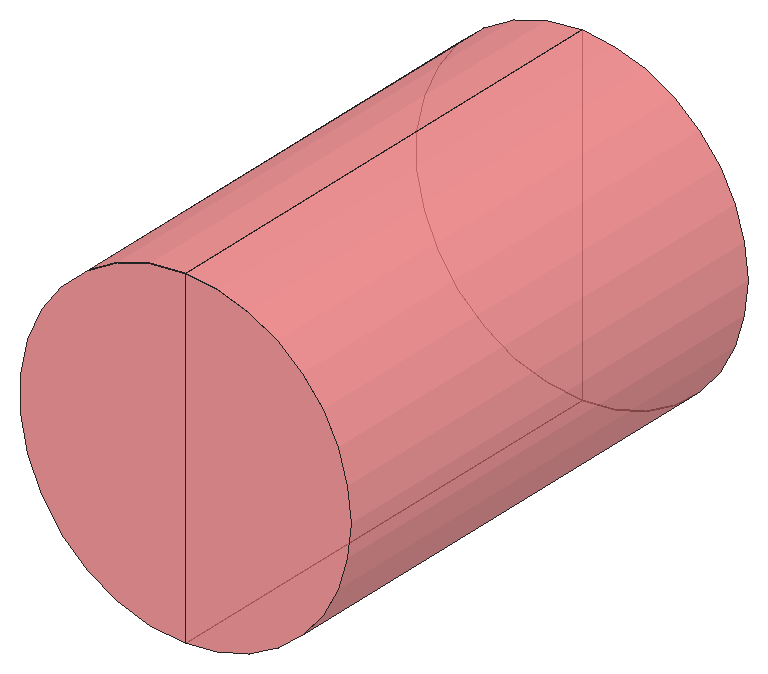
Revit family "М1_ОтверстиеКруглое_Стена", category Обобщенные модели, Revit 2021
Family settings
  Может служить основой для арматурных стержней = Нет
  Размер круглого соединителя = Использовать диаметр
  Тип детали = Нормальный
  На основе рабочей плоскости = Нет
  Всегда вертикально = Да
  При загрузке вырезать с полостями = Да
  Общий = Нет
  Точка принадлежности помещению = Нет
Parameters (values of type "Отверстие_ОВ")
  Отметка по умолчанию = 0 mm
  Группа модели = "Отверстие в стене"  # constant formula
  M1_СreationDate [instance] = ""
  M1_ElementUniqueId [instance] = ""
  Data [instance] = ""
  ADSK_Размер_Диаметр [instance] = 200 mm
  ADSK_Размер_Глубина [instance] = 300 mm
  ADSK_Отверстие_Функция = "ОВ"
  ADSK_Отверстие_Отметка от нуля [instance] = 0 mm
  ADSK_Материал = ADSK_Отверстие_ОВ
Reference planes
  plane 1 "По центру (Вперед/Назад)": y = 0
  plane 2: z = 0
  plane 3 "По центру (Влево/Вправо)": x = 0
  plane 4: x = -100
  plane 5: x = 100
  plane 6: y = 150
  plane 7: y = -150
  plane 8: z = 100
  plane 9: z = -100
  plane 10: z = 101
  plane 11: z = -101
  plane 12: y = -151
  plane 13: y = 151
Forms (mm)
  Revolve 1, solid, material "ADSK_Отверстие_ОВ" <- "ADSK_Материал"
    sketch origin (0, 0, 0) x (0, 1, 0) y (0, 0, 1)
      loop
        line (151, 0) -> (-151, 0) -> (-151, -101) -> (151, -101) -> (151, 0)
      axis (151, 0) -> (-151, 0)
    angle from 0 to 360
  Revolve 2, void
    sketch origin (0, 0, 0) x (0, 1, 0) y (0, 0, 1)
      loop
        line (-151, 101) -> (-151, 0) -> (151, 0) -> (151, 101) -> (-151, 101)
      axis (-151, 0) -> (151, 0)
    angle from 0 to 360
Dimensions and locks
  equal spacing: plane 4, plane 3 "По центру (Влево/Вправо)", plane 5
  "ADSK_Размер_Диаметр": plane 4 to plane 5
  equal spacing: plane 6, plane 1 "По центру (Вперед/Назад)", plane 7
  "ADSK_Размер_Глубина": plane 6 to plane 7
  equal spacing: plane 8, level, plane 9
  "ADSK_Размер_Диаметр": plane 8 to plane 9
  locked: plane 6 to plane 13 at 1
  locked: plane 12 to plane 7 at 1
  locked: plane 10 to plane 8 at 1
  locked: plane 9 to plane 11 at 1
  aligned and locked: level to plane 2
  aligned and locked: Revolve 1 sketch curve to level  (x2)
  aligned and locked: Revolve 2 sketch curve to level
  aligned and locked: Revolve 1 to Revolve 2 sketch curve
  aligned and locked: level to Revolve 2 sketch curve
  aligned and locked: Revolve 2 sketch curve to Revolve 1
  aligned and locked: Revolve 1 sketch curve to plane 12
  aligned and locked: plane 11 to Revolve 1 sketch curve
  aligned and locked: plane 13 to Revolve 1 sketch curve
  aligned and locked: Revolve 2 sketch curve to plane 10
Automatic sketch dimensions
  Revolve 1 sketch curve to Revolve 1 sketch curve = 375.329 mm
  Revolve 1 sketch curve to Revolve 1 sketch curve = 302.671 mm
  Revolve 2 sketch curve to plane 7 = 360 mm
  plane 6 to Revolve 2 sketch curve = 240 mm
